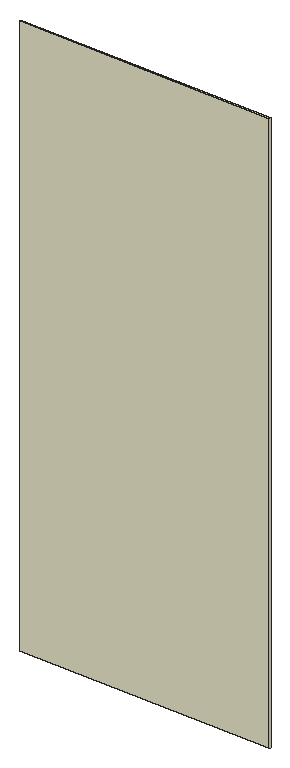
Revit family "CLAD (Smooth) Chevron", category Generic Models, Revit 2017
Family settings
  Can host rebar = No
  Round Connector Dimension = Use Diameter
  Part Type = Normal
  Work Plane-Based = No
  Always vertical = Yes
  Cut with Voids When Loaded = No
  Shared = Yes
  Room Calculation Point = No
Parameters (values of type "2745 x 1200")
  Primed Finich Code = "EX27 CL-CHE"  # constant formula
  Panel_width = 1200 mm  # constant formula
  Panel_thickness = 9.5 mm  # constant formula
  Material = none
  URL = "https://www.easycraft.com.au/products/253/expression-series"
  Model = "Expression Series - Chevron"  # constant formula
  Manufacturer = "Easycraft Australia Pty Ltd ph 07 3906 7200"  # constant formula
  Panel_height = 2720 mm  # constant formula
  Description = "MDF MR"  # constant formula
  Assembly Code = ""
Reference planes
  plane 1 "Center (Front/Back)": y = 0
  plane 2: z = 0
  plane 3 "Center (Left/Right)": x = 0
  plane 4 "Panel face": y = -9.5
  plane 5: z = 2720
Forms (mm)
  Extrusion 1, solid, material "CLAD smooth"
    sketch origin (0, 0, 0) x (1, 0, 0) y (0, 1, 0)
      loop
        line (0, 0) -> (0, -9.5) -> (1200, -9.5) -> (1200, 0) -> (0, 0)
    from 0 to 2720
Lines and regions (mm)
  model lines, style "easycraft expressions pattern"
    curve 1: line (748.908, -10, 0) -> (748.908, -10, 2720)
    curve 2: line (450.864, -10, 0) -> (450.864, -10, 2720)
    curve 3: line (1200, -10, 58.221) -> (1141.551, -10, 0)
    curve 4: line (959.361, -10, 0) -> (899.799, -10, 59.562)
    curve 5: line (899.799, -10, 59.562) -> (840.003, -10, 0)
    curve 6: line (661.317, -10, 0) -> (601.755, -10, 59.562)
    curve 7: line (601.755, -10, 59.562) -> (538.689, -10, 0)
    curve 8: line (359.769, -10, 0) -> (300.207, -10, 59.562)
    curve 9: line (300.207, -10, 59.562) -> (240.645, -10, 0)
    curve 10: line (58.222, -10, 0) -> (0, -10, 58.222)
    curve 11: line (0, -10, 198.368) -> (149.317, -10, 49.051)
    curve 12: line (149.317, -10, 49.051) -> (300.207, -10, 199.708)
    curve 13: line (300.207, -10, 199.708) -> (450.864, -10, 49.051)
    curve 14: line (450.864, -10, 49.051) -> (601.755, -10, 199.708)
    curve 15: line (601.755, -10, 199.708) -> (748.908, -10, 49.051)
    curve 16: line (748.908, -10, 49.051) -> (899.799, -10, 199.708)
    curve 17: line (899.799, -10, 199.708) -> (1050.456, -10, 49.051)
    curve 18: line (1050.456, -10, 49.051) -> (1200, -10, 198.364)
    curve 19: line (1200, -10, 338.741) -> (1050.456, -10, 189.197)
    curve 20: line (1050.456, -10, 189.197) -> (899.799, -10, 340.088)
    curve 21: line (899.799, -10, 340.088) -> (748.908, -10, 189.197)
    curve 22: line (748.908, -10, 189.197) -> (601.755, -10, 340.088)
    curve 23: line (601.755, -10, 340.088) -> (450.864, -10, 189.197)
    curve 24: line (450.864, -10, 189.197) -> (300.207, -10, 340.088)
    curve 25: line (300.207, -10, 340.088) -> (149.317, -10, 189.197)
    curve 26: line (149.317, -10, 189.197) -> (0, -10, 338.746)
    curve 27: line (0, -10, 478.894) -> (149.317, -10, 329.577)
    curve 28: line (149.317, -10, 329.577) -> (300.207, -10, 480.234)
    curve 29: line (300.207, -10, 480.234) -> (450.864, -10, 329.577)
    curve 30: line (450.864, -10, 329.577) -> (601.755, -10, 480.234)
    curve 31: line (601.755, -10, 480.234) -> (748.908, -10, 329.577)
    curve 32: line (748.908, -10, 329.577) -> (899.799, -10, 480.234)
    curve 33: line (899.799, -10, 480.234) -> (1050.456, -10, 329.577)
    curve 34: line (1050.456, -10, 329.577) -> (1200, -10, 478.89)
    curve 35: line (1200, -10, 619.036) -> (1050.456, -10, 469.723)
    curve 36: line (1050.456, -10, 469.723) -> (899.799, -10, 620.38)
    curve 37: line (899.799, -10, 620.38) -> (748.908, -10, 469.723)
    curve 38: line (748.908, -10, 469.723) -> (601.755, -10, 620.38)
    curve 39: line (601.755, -10, 620.38) -> (450.864, -10, 469.723)
    curve 40: line (450.864, -10, 469.723) -> (300.207, -10, 620.38)
    curve 41: line (300.207, -10, 620.38) -> (149.317, -10, 469.723)
    curve 42: line (149.317, -10, 469.723) -> (0, -10, 619.04)
    curve 43: line (0, -10, 759.417) -> (149.317, -10, 609.869)
    curve 44: line (149.317, -10, 609.869) -> (300.207, -10, 760.759)
    curve 45: line (300.207, -10, 760.759) -> (450.864, -10, 609.869)
    curve 46: line (450.864, -10, 609.869) -> (601.755, -10, 760.759)
    curve 47: line (601.755, -10, 760.759) -> (748.908, -10, 609.869)
    curve 48: line (748.908, -10, 609.869) -> (899.799, -10, 760.759)
    curve 49: line (899.799, -10, 760.759) -> (1050.456, -10, 609.869)
    curve 50: line (1050.456, -10, 609.869) -> (1200, -10, 759.413)
    curve 51: line (1200, -10, 899.561) -> (1050.456, -10, 750.248)
    curve 52: line (1050.456, -10, 750.248) -> (899.799, -10, 900.905)
    curve 53: line (899.799, -10, 900.905) -> (748.908, -10, 750.248)
    curve 54: line (748.908, -10, 750.248) -> (601.755, -10, 900.905)
    curve 55: line (601.755, -10, 900.905) -> (450.864, -10, 750.248)
    curve 56: line (450.864, -10, 750.248) -> (300.207, -10, 900.905)
    curve 57: line (300.207, -10, 900.905) -> (149.317, -10, 750.248)
    curve 58: line (149.317, -10, 750.248) -> (0, -10, 899.565)
    curve 59: line (0, -10, 1039.711) -> (149.317, -10, 890.394)
    curve 60: line (149.317, -10, 890.394) -> (300.207, -10, 1041.051)
    curve 61: line (300.207, -10, 1041.051) -> (450.864, -10, 890.394)
    curve 62: line (450.864, -10, 890.394) -> (601.755, -10, 1041.051)
    curve 63: line (601.755, -10, 1041.051) -> (748.908, -10, 890.394)
    curve 64: line (748.908, -10, 890.394) -> (899.799, -10, 1041.051)
    curve 65: line (899.799, -10, 1041.051) -> (1050.456, -10, 890.394)
    curve 66: line (1050.456, -10, 890.394) -> (1200, -10, 1039.707)
    curve 67: line (1200, -10, 1179.853) -> (1050.456, -10, 1030.54)
    curve 68: line (1050.456, -10, 1030.54) -> (899.799, -10, 1181.197)
    curve 69: line (899.799, -10, 1181.197) -> (748.908, -10, 1030.54)
    curve 70: line (748.908, -10, 1030.54) -> (601.755, -10, 1181.197)
    curve 71: line (601.755, -10, 1181.197) -> (450.864, -10, 1030.54)
    curve 72: line (450.864, -10, 1030.54) -> (300.207, -10, 1181.197)
    curve 73: line (300.207, -10, 1181.197) -> (149.317, -10, 1030.54)
    curve 74: line (149.317, -10, 1030.54) -> (0, -10, 1179.857)
    curve 75: line (0, -10, 1320.235) -> (149.317, -10, 1170.686)
    curve 76: line (149.317, -10, 1170.686) -> (300.207, -10, 1321.577)
    curve 77: line (300.207, -10, 1321.577) -> (450.864, -10, 1170.686)
    curve 78: line (450.864, -10, 1170.686) -> (601.755, -10, 1321.577)
    curve 79: line (601.755, -10, 1321.577) -> (748.908, -10, 1170.686)
    curve 80: line (748.908, -10, 1170.686) -> (899.799, -10, 1321.577)
    curve 81: line (899.799, -10, 1321.577) -> (1050.456, -10, 1170.686)
    curve 82: line (1050.456, -10, 1170.686) -> (1200, -10, 1320.231)
    curve 83: line (1200, -10, 1460.379) -> (1050.456, -10, 1311.066)
    curve 84: line (1050.456, -10, 1311.066) -> (899.799, -10, 1461.723)
    curve 85: line (899.799, -10, 1461.723) -> (748.908, -10, 1311.066)
    curve 86: line (748.908, -10, 1311.066) -> (601.755, -10, 1461.723)
    curve 87: line (601.755, -10, 1461.723) -> (450.864, -10, 1311.066)
    curve 88: line (450.864, -10, 1311.066) -> (300.207, -10, 1461.723)
    curve 89: line (300.207, -10, 1461.723) -> (149.317, -10, 1311.066)
    curve 90: line (149.317, -10, 1311.066) -> (0, -10, 1460.383)
    curve 91: line (0, -10, 1600.529) -> (149.317, -10, 1451.212)
    curve 92: line (149.317, -10, 1451.212) -> (300.207, -10, 1601.869)
    curve 93: line (300.207, -10, 1601.869) -> (450.864, -10, 1451.212)
    curve 94: line (450.864, -10, 1451.212) -> (601.755, -10, 1601.869)
    curve 95: line (601.755, -10, 1601.869) -> (748.908, -10, 1451.212)
    curve 96: line (748.908, -10, 1451.212) -> (899.799, -10, 1601.869)
    curve 97: line (899.799, -10, 1601.869) -> (1050.456, -10, 1451.212)
    curve 98: line (1050.456, -10, 1451.212) -> (1200, -10, 1600.525)
    curve 99: line (1200, -10, 1737.198) -> (1050.456, -10, 1591.358)
    curve 100: line (1050.456, -10, 1591.358) -> (899.799, -10, 1738.511)
    curve 101: line (899.799, -10, 1738.511) -> (748.908, -10, 1591.358)
    curve 102: line (748.908, -10, 1591.358) -> (601.755, -10, 1738.511)
    curve 103: line (601.755, -10, 1738.511) -> (450.864, -10, 1591.358)
    curve 104: line (450.864, -10, 1591.358) -> (300.207, -10, 1738.511)
    curve 105: line (300.207, -10, 1738.511) -> (149.317, -10, 1591.358)
    curve 106: line (149.317, -10, 1591.358) -> (0, -10, 1737.202)
    curve 107: line (0, -10, 1877.58) -> (149.317, -10, 1731.504)
    curve 108: line (149.317, -10, 1731.504) -> (300.207, -10, 1878.891)
    curve 109: line (300.207, -10, 1878.891) -> (450.864, -10, 1731.504)
    curve 110: line (450.864, -10, 1731.504) -> (601.755, -10, 1878.891)
    curve 111: line (601.755, -10, 1878.891) -> (748.908, -10, 1731.504)
    curve 112: line (748.908, -10, 1731.504) -> (899.799, -10, 1878.891)
    curve 113: line (899.799, -10, 1878.891) -> (1050.456, -10, 1731.504)
    curve 114: line (1050.456, -10, 1731.504) -> (1200, -10, 1877.576)
    curve 115: line (1200, -10, 2017.724) -> (1050.456, -10, 1871.883)
    curve 116: line (1050.456, -10, 1871.883) -> (899.799, -10, 2019.036)
    curve 117: line (899.799, -10, 2019.036) -> (748.908, -10, 1871.883)
    curve 118: line (748.908, -10, 1871.883) -> (601.755, -10, 2019.036)
    curve 119: line (601.755, -10, 2019.036) -> (450.864, -10, 1871.883)
    curve 120: line (450.864, -10, 1871.883) -> (300.207, -10, 2019.036)
    curve 121: line (300.207, -10, 2019.036) -> (149.317, -10, 1871.883)
    curve 122: line (149.317, -10, 1871.883) -> (0, -10, 2017.728)
    curve 123: line (0, -10, 2157.842) -> (149.317, -10, 2008.526)
    curve 124: line (149.317, -10, 2008.526) -> (300.207, -10, 2159.182)
    curve 125: line (300.207, -10, 2159.182) -> (450.864, -10, 2008.526)
    curve 126: line (450.864, -10, 2008.526) -> (601.755, -10, 2159.182)
    curve 127: line (601.755, -10, 2159.182) -> (748.908, -10, 2008.526)
    curve 128: line (748.908, -10, 2008.526) -> (899.799, -10, 2159.182)
    curve 129: line (899.799, -10, 2159.182) -> (1050.456, -10, 2008.526)
    curve 130: line (1050.456, -10, 2008.526) -> (1200, -10, 2157.838)
    curve 131: line (1200, -10, 2297.984) -> (1050.456, -10, 2148.672)
    curve 132: line (1050.456, -10, 2148.672) -> (899.799, -10, 2299.328)
    curve 133: line (899.799, -10, 2299.328) -> (748.908, -10, 2148.672)
    curve 134: line (748.908, -10, 2148.672) -> (601.755, -10, 2299.328)
    curve 135: line (601.755, -10, 2299.328) -> (450.864, -10, 2148.672)
    curve 136: line (450.864, -10, 2148.672) -> (300.207, -10, 2299.328)
    curve 137: line (300.207, -10, 2299.328) -> (149.317, -10, 2148.672)
    curve 138: line (149.317, -10, 2148.672) -> (0, -10, 2297.988)
    curve 139: line (1200, -10, 2434.658) -> (1050.456, -10, 2288.818)
    curve 140: line (1050.456, -10, 2288.818) -> (899.799, -10, 2435.971)
    curve 141: line (899.799, -10, 2435.971) -> (748.908, -10, 2288.818)
    curve 142: line (748.908, -10, 2288.818) -> (601.755, -10, 2435.971)
    curve 143: line (601.755, -10, 2435.971) -> (450.864, -10, 2288.818)
    curve 144: line (450.864, -10, 2288.818) -> (300.207, -10, 2435.971)
    curve 145: line (300.207, -10, 2435.971) -> (149.317, -10, 2288.818)
    curve 146: line (149.317, -10, 2288.818) -> (0, -10, 2434.662)
    curve 147: line (0, -10, 2575.039) -> (149.317, -10, 2428.964)
    curve 148: line (149.317, -10, 2428.964) -> (300.207, -10, 2576.35)
    curve 149: line (300.207, -10, 2576.35) -> (450.864, -10, 2428.964)
    curve 150: line (450.864, -10, 2428.964) -> (601.755, -10, 2576.35)
    curve 151: line (601.755, -10, 2576.35) -> (748.908, -10, 2428.964)
    curve 152: line (748.908, -10, 2428.964) -> (899.799, -10, 2576.35)
    curve 153: line (899.799, -10, 2576.35) -> (1050.456, -10, 2428.964)
    curve 154: line (1050.456, -10, 2428.964) -> (1200, -10, 2575.035)
    curve 155: line (1200, -10, 2715.184) -> (1050.456, -10, 2569.343)
    curve 156: line (1050.456, -10, 2569.343) -> (899.799, -10, 2716.496)
    curve 157: line (899.799, -10, 2716.496) -> (748.908, -10, 2569.343)
    curve 158: line (748.908, -10, 2569.343) -> (601.755, -10, 2716.496)
    curve 159: line (601.755, -10, 2716.496) -> (450.864, -10, 2569.343)
    curve 160: line (450.864, -10, 2569.343) -> (300.207, -10, 2716.496)
    curve 161: line (300.207, -10, 2716.496) -> (149.317, -10, 2569.343)
    curve 162: line (149.317, -10, 2569.343) -> (0, -10, 2715.188)
    curve 163: line (135.302, -10, 2720) -> (149.317, -10, 2705.985)
    curve 164: line (149.317, -10, 2705.985) -> (163.353, -10, 2720)
    curve 165: line (436.85, -10, 2720) -> (450.864, -10, 2705.985)
    curve 166: line (450.864, -10, 2705.985) -> (464.901, -10, 2720)
    curve 167: line (735.219, -10, 2720) -> (748.908, -10, 2705.985)
    curve 168: line (748.908, -10, 2705.985) -> (762.945, -10, 2720)
    curve 169: line (1036.441, -10, 2720) -> (1050.456, -10, 2705.985)
    curve 170: line (1050.456, -10, 2705.985) -> (1064.492, -10, 2720)
    curve 171: line (149.317, -10, 0) -> (149.317, -10, 2720)
    curve 172: line (1050.456, -10, 0) -> (1050.456, -10, 2720)
    curve 173: line (300.207, -10, 0) -> (300.207, -10, 2720)
    curve 174: line (601.521, -10, 0) -> (601.521, -10, 2720)
    curve 175: line (899.799, -10, 0) -> (899.799, -10, 2720)
Dimensions and locks
  "Panel_thickness": plane 4 "Panel face" to plane 1 "Center (Front/Back)"
  "Panel_width": Extrusion 1 to Extrusion 1
  "Panel_height": plane 5 to plane 2
  aligned and locked: level to plane 2
  aligned and locked: Extrusion 1 to level
  aligned and locked: plane 4 "Panel face" to Extrusion 1
Automatic sketch dimensions
  curve 26 to plane 3 "Center (Left/Right)" = 0 mm
  curve 162 to plane 3 "Center (Left/Right)" = 0 mm
  curve 138 to plane 3 "Center (Left/Right)" = 0 mm
  curve 27 to plane 3 "Center (Left/Right)" = 0 mm
  curve 122 to plane 3 "Center (Left/Right)" = 0 mm
  curve 123 to plane 3 "Center (Left/Right)" = 0 mm
  curve 58 to plane 3 "Center (Left/Right)" = 0 mm
  curve 59 to plane 3 "Center (Left/Right)" = 0 mm
  curve 75 to plane 3 "Center (Left/Right)" = 0 mm
  curve 74 to plane 3 "Center (Left/Right)" = 0 mm
  curve 90 to plane 3 "Center (Left/Right)" = 0 mm
  curve 91 to plane 3 "Center (Left/Right)" = 0 mm
  curve 42 to plane 3 "Center (Left/Right)" = 0 mm
  curve 43 to plane 3 "Center (Left/Right)" = 0 mm
  curve 11 to plane 3 "Center (Left/Right)" = 0 mm
  curve 106 to plane 3 "Center (Left/Right)" = 0 mm
  curve 147 to plane 3 "Center (Left/Right)" = 0 mm
  curve 146 to plane 3 "Center (Left/Right)" = 0 mm
  curve 10 to plane 3 "Center (Left/Right)" = 0 mm
  curve 107 to plane 3 "Center (Left/Right)" = 0 mm
  curve 10 to level = 0 mm
  curve 171 to level = 0 mm
  curve 9 to level = 0 mm
  curve 173 to level = 0 mm
  curve 8 to level = 0 mm
  curve 2 to level = 0 mm
  curve 7 to level = 0 mm
  curve 174 to level = 0 mm
  curve 6 to level = 0 mm
  curve 1 to level = 0 mm
  curve 5 to level = 0 mm
  curve 175 to level = 0 mm
  curve 4 to level = 0 mm
  curve 172 to level = 0 mm
  curve 3 to level = 0 mm
  level to curve 12 = 49.051 mm
  plane 3 "Center (Left/Right)" to curve 12 = 149.317 mm
  plane 3 "Center (Left/Right)" to curve 146 = 149.317 mm
  plane 3 "Center (Left/Right)" to curve 44 = 149.317 mm
  plane 3 "Center (Left/Right)" to curve 108 = 149.317 mm
  curve 147 to curve 145 = 0 mm
  curve 107 to curve 106 = 0 mm
  plane 3 "Center (Left/Right)" to curve 60 = 149.317 mm
  curve 43 to curve 42 = 0 mm
  curve 105 to curve 92 = 0 mm
  plane 3 "Center (Left/Right)" to curve 164 = 149.317 mm
  plane 3 "Center (Left/Right)" to curve 124 = 149.317 mm
  curve 91 to curve 90 = 0 mm
  curve 73 to curve 59 = 0 mm
  curve 25 to curve 11 = 0 mm
  curve 59 to curve 57 = 0 mm
  curve 123 to curve 122 = 0 mm
  curve 41 to curve 27 = 0 mm
  curve 75 to curve 73 = 0 mm
  curve 163 to curve 161 = 0 mm
  curve 145 to curve 137 = 0 mm
  curve 145 to curve 137 = 150.891 mm
  curve 163 to curve 161 = 150.891 mm
  curve 41 to curve 29 = 150.891 mm
  curve 28 to curve 25 = 0 mm
  curve 89 to curve 77 = 150.891 mm
  curve 89 to curve 76 = 0 mm
  curve 76 to curve 73 = 0 mm
  curve 144 to curve 136 = 0 mm
  curve 40 to curve 28 = 0 mm
  curve 92 to curve 88 = 0 mm
  curve 104 to curve 92 = 0 mm
  curve 108 to curve 104 = 0 mm
  curve 44 to curve 40 = 0 mm
  curve 24 to curve 13 = 0 mm
  level to curve 9 = 59.562 mm
  curve 12 to curve 9 = 0 mm
  curve 72 to curve 61 = 0 mm
  curve 136 to curve 125 = 0 mm
  curve 121 to curve 108 = 0 mm
  curve 160 to curve 149 = 0 mm
  curve 60 to curve 57 = 0 mm
  curve 44 to curve 56 = 150.657 mm
  curve 144 to curve 149 = 150.657 mm
  curve 61 to curve 55 = 0 mm
  curve 160 to curve 166 = 150.657 mm
  curve 149 to curve 144 = 0 mm
  curve 71 to curve 61 = 0 mm
  curve 24 to curve 29 = 150.657 mm
  curve 78 to curve 71 = 0 mm  (x2)
  curve 165 to curve 159 = 0 mm
  curve 77 to curve 79 = 150.891 mm
  curve 120 to curve 118 = 301.547 mm
  curve 159 to curve 150 = 150.891 mm
  curve 150 to curve 143 = 0 mm
  curve 29 to curve 31 = 150.891 mm
  curve 158 to curve 150 = 0 mm
  level to curve 6 = 59.562 mm
  curve 8 to curve 6 = 301.547 mm
  curve 38 to curve 30 = 0 mm
  curve 86 to curve 78 = 0 mm
  curve 118 to curve 111 = 0 mm
  curve 30 to curve 23 = 0 mm
  curve 70 to curve 62 = 0 mm
  level to curve 14 = 199.708 mm
  curve 14 to curve 6 = 0 mm
  curve 46 to curve 38 = 0 mm
  curve 54 to curve 46 = 0 mm
  curve 94 to curve 86 = 0 mm
  curve 103 to curve 94 = 0 mm
  curve 126 to curve 118 = 0 mm
  curve 142 to curve 135 = 0 mm
  curve 38 to curve 48 = 147.153 mm
  curve 54 to curve 64 = 147.153 mm
  curve 118 to curve 127 = 147.153 mm
  curve 86 to curve 96 = 147.153 mm
  curve 158 to curve 167 = 147.153 mm
  curve 69 to curve 63 = 0 mm
  level to curve 21 = 189.197 mm
  curve 14 to curve 21 = 147.153 mm
  curve 167 to curve 158 = 0 mm
  curve 157 to curve 152 = 0 mm
  curve 95 to curve 86 = 0 mm
  curve 47 to curve 38 = 0 mm
  curve 151 to curve 141 = 0 mm
  curve 80 to curve 69 = 0 mm
  curve 63 to curve 53 = 0 mm
  curve 127 to curve 117 = 0 mm
  level to curve 4 = 59.562 mm
  curve 21 to curve 4 = 150.891 mm
  curve 127 to curve 116 = 150.891 mm
  level to curve 16 = 199.708 mm
  curve 16 to curve 4 = 0 mm
  curve 116 to curve 113 = 0 mm
  curve 112 to curve 101 = 0 mm
  level to curve 20 = 340.088 mm
  curve 20 to curve 16 = 0 mm
  curve 128 to curve 116 = 0 mm
  curve 32 to curve 20 = 0 mm
  curve 36 to curve 32 = 0 mm
  curve 48 to curve 36 = 0 mm
  curve 132 to curve 128 = 0 mm
  curve 167 to curve 157 = 150.891 mm
  curve 156 to curve 153 = 0 mm
  curve 100 to curve 97 = 0 mm  (x2)
  curve 96 to curve 85 = 0 mm
  curve 52 to curve 48 = 0 mm
  curve 64 to curve 52 = 0 mm
  curve 68 to curve 64 = 0 mm
  curve 140 to curve 132 = 0 mm
  curve 84 to curve 80 = 0 mm
  curve 132 to curve 139 = 150.657 mm
  curve 64 to curve 68 = 150.657 mm
  curve 112 to curve 116 = 150.657 mm
  curve 67 to curve 66 = 0 mm  (x2)
  curve 82 to curve 67 = 0 mm
  curve 83 to curve 81 = 0 mm
  curve 65 to curve 52 = 0 mm
  curve 156 to curve 170 = 150.657 mm
  curve 51 to curve 50 = 0 mm  (x2)
  curve 97 to curve 83 = 0 mm
  curve 153 to curve 139 = 0 mm
  curve 115 to curve 114 = 0 mm  (x2)
  curve 169 to curve 155 = 0 mm
  curve 139 to curve 132 = 0 mm
  level to curve 36 = 469.723 mm
  curve 49 to curve 36 = 0 mm
  level to curve 17 = 49.051 mm
  curve 4 to curve 17 = 150.657 mm
  level to curve 34 = 329.577 mm
  curve 35 to curve 34 = 0 mm  (x2)
  curve 130 to curve 115 = 0 mm  (x2)
  level to curve 19 = 189.197 mm
  curve 19 to curve 17 = 0 mm
  curve 11 to curve 26 = 140.146 mm
  curve 8 to curve 13 = 140.146 mm
  curve 12 to curve 30 = 129.869 mm
  curve 25 to curve 28 = 140.38 mm
  curve 14 to curve 22 = 140.38 mm
  curve 12 to curve 25 = 140.38 mm
  curve 27 to curve 41 = 140.146 mm
  curve 22 to curve 38 = 129.635 mm
  curve 22 to curve 30 = 140.146 mm
  curve 20 to curve 33 = 140.146 mm
  curve 24 to curve 28 = 140.146 mm
  curve 37 to curve 48 = 140.146 mm
  curve 35 to curve 49 = 140.146 mm
  curve 41 to curve 44 = 140.146 mm
  curve 28 to curve 40 = 140.146 mm
  curve 30 to curve 39 = 140.146 mm
  curve 32 to curve 36 = 140.146 mm
  curve 47 to curve 54 = 140.38 mm
  curve 43 to curve 58 = 140.38 mm
  curve 40 to curve 55 = 129.869 mm
  curve 49 to curve 51 = 140.38 mm
  curve 38 to curve 46 = 140.38 mm
  curve 40 to curve 45 = 140.38 mm
  curve 36 to curve 48 = 140.38 mm
  curve 51 to curve 66 = 140.146 mm  (x2)
  curve 53 to curve 64 = 140.146 mm
  curve 55 to curve 62 = 140.146 mm
  curve 57 to curve 60 = 140.146 mm
  curve 46 to curve 54 = 140.146 mm
  curve 44 to curve 57 = 140.146 mm
  curve 48 to curve 52 = 140.146 mm
  curve 59 to curve 74 = 140.146 mm  (x2)
  curve 61 to curve 72 = 140.146 mm
  curve 63 to curve 70 = 140.146 mm
  curve 65 to curve 67 = 140.146 mm
  curve 52 to curve 64 = 140.146 mm
  curve 54 to curve 62 = 140.146 mm
  curve 56 to curve 60 = 140.146 mm
  curve 71 to curve 78 = 140.146 mm
  curve 67 to curve 82 = 140.146 mm
  curve 69 to curve 79 = 140.146 mm
  curve 73 to curve 75 = 140.146 mm
  curve 62 to curve 71 = 140.146 mm
  curve 64 to curve 69 = 140.146 mm
  curve 60 to curve 72 = 140.146 mm
  curve 75 to curve 89 = 140.38 mm
  curve 79 to curve 86 = 140.38 mm
  curve 81 to curve 84 = 140.38 mm
  curve 70 to curve 78 = 140.38 mm
  curve 68 to curve 81 = 140.38 mm
  curve 72 to curve 76 = 140.38 mm
  curve 85 to curve 96 = 140.146 mm
  curve 83 to curve 97 = 140.146 mm
  curve 89 to curve 92 = 140.146 mm
  curve 78 to curve 86 = 140.146 mm
  curve 76 to curve 89 = 140.146 mm
  curve 80 to curve 84 = 140.146 mm
  curve 91 to curve 105 = 140.146 mm
  curve 97 to curve 99 = 140.146 mm
  curve 88 to curve 93 = 140.146 mm
  curve 84 to curve 97 = 140.146 mm
  curve 86 to curve 95 = 140.146 mm
  curve 99 to curve 114 = 140.146 mm
  curve 105 to curve 107 = 140.146 mm
  curve 94 to curve 103 = 136.642 mm
  curve 96 to curve 100 = 136.642 mm
  curve 92 to curve 105 = 136.642 mm
  curve 102 to curve 118 = 133.372 mm
  curve 113 to curve 115 = 140.38 mm
  curve 102 to curve 110 = 140.38 mm
  curve 104 to curve 109 = 140.38 mm
  curve 100 to curve 112 = 140.38 mm
  curve 115 to curve 129 = 136.642 mm
  curve 117 to curve 128 = 136.642 mm
  curve 121 to curve 123 = 136.642 mm
  curve 112 to curve 117 = 140.146 mm
  curve 108 to curve 121 = 140.146 mm
  curve 110 to curve 119 = 140.146 mm
  curve 123 to curve 138 = 140.146 mm  (x2)
  curve 131 to curve 139 = 140.146 mm
  curve 118 to curve 126 = 140.146 mm
  curve 120 to curve 124 = 140.146 mm
  curve 116 to curve 129 = 140.146 mm
  curve 142 to curve 151 = 140.146 mm
  curve 124 to curve 143 = 129.635 mm
  curve 137 to curve 145 = 140.146 mm
  curve 126 to curve 135 = 140.146 mm
  curve 124 to curve 136 = 140.146 mm
  curve 143 to curve 150 = 140.146 mm
  curve 145 to curve 147 = 140.146 mm
  curve 134 to curve 143 = 136.642 mm
  curve 136 to curve 145 = 136.642 mm
  curve 161 to curve 163 = 136.642 mm
  curve 148 to curve 160 = 140.146 mm
  plane 3 "Center (Left/Right)" to curve 10 = 58.222 mm
  curve 163 to curve 163 = 14.015 mm
  curve 11 to curve 171 = 0 mm
  curve 171 to curve 164 = 14.036 mm
  curve 9 to curve 8 = 59.562 mm
  curve 173 to curve 8 = 59.562 mm
  curve 165 to curve 165 = 14.015 mm  (x2)
  curve 108 to curve 119 = 150.657 mm
  curve 2 to curve 166 = 14.036 mm
  curve 7 to curve 6 = 63.066 mm
  curve 174 to curve 6 = 0.234 mm
  curve 174 to curve 6 = 59.796 mm
  curve 167 to curve 167 = 13.689 mm
  curve 141 to curve 134 = 0 mm
  curve 1 to curve 168 = 14.036 mm
  curve 5 to curve 4 = 59.796 mm
  curve 4 to curve 175 = 0 mm
  curve 175 to curve 4 = 59.562 mm
  curve 169 to curve 169 = 14.015 mm  (x2)
  curve 169 to curve 172 = 14.015 mm  (x2)
  curve 172 to curve 170 = 14.036 mm
  curve 172 to curve 3 = 91.095 mm
  level to curve 18 = 198.364 mm
  curve 19 to curve 18 = 149.544 mm
  level to curve 34 = 478.89 mm
  curve 35 to curve 34 = 149.544 mm
  curve 139 to curve 131 = 149.544 mm
  curve 99 to curve 98 = 149.544 mm
  curve 170 to curve 155 = 135.508 mm
  curve 155 to curve 154 = 0 mm
  level to curve 19 = 338.741 mm
  curve 34 to curve 19 = 0 mm
  curve 65 to curve 51 = 149.544 mm
  curve 99 to curve 98 = 0 mm
  curve 114 to curve 99 = 0 mm
  curve 98 to curve 83 = 0 mm
  curve 83 to curve 82 = 0 mm
  curve 139 to curve 131 = 0 mm
  curve 66 to curve 51 = 0 mm
  level to curve 3 = 58.221 mm
  curve 3 to curve 3 = 58.449 mm
  curve 1 to curve 16 = 49.051 mm
  curve 15 to curve 16 = 0 mm
  curve 2 to curve 14 = 49.051 mm
  curve 13 to curve 14 = 0 mm
  level to curve 10 = 58.222 mm
  curve 13 to curve 23 = 140.146 mm
  curve 24 to curve 23 = 0 mm
  curve 10 to curve 11 = 140.146 mm
  curve 32 to curve 37 = 140.146 mm
  curve 31 to curve 32 = 0 mm
  curve 11 to curve 26 = 140.377 mm
  curve 29 to curve 40 = 140.146 mm
  curve 39 to curve 40 = 0 mm
  curve 26 to curve 27 = 140.148 mm
  curve 39 to curve 46 = 140.146 mm
  curve 45 to curve 46 = 0 mm
  curve 34 to curve 35 = 140.146 mm
  curve 27 to curve 42 = 140.146 mm
  curve 35 to curve 50 = 140.377 mm
  curve 42 to curve 43 = 140.377 mm
  curve 50 to curve 51 = 140.148 mm
  curve 43 to curve 58 = 140.148 mm
  curve 58 to curve 59 = 140.146 mm
  curve 66 to curve 67 = 140.146 mm
  curve 77 to curve 88 = 140.38 mm
  curve 87 to curve 88 = 0 mm
  curve 67 to curve 82 = 140.377 mm
  curve 74 to curve 75 = 140.377 mm
  curve 88 to curve 94 = 140.146 mm
  curve 93 to curve 94 = 0 mm
  curve 82 to curve 83 = 140.148 mm
  curve 75 to curve 90 = 140.148 mm
  curve 95 to curve 101 = 140.146 mm
  curve 94 to curve 104 = 140.146 mm
  curve 103 to curve 104 = 0 mm
  curve 102 to curve 101 = 0 mm
  curve 83 to curve 98 = 140.146 mm
  curve 90 to curve 91 = 140.146 mm
  curve 101 to curve 111 = 140.146 mm
  curve 112 to curve 111 = 0 mm
  curve 104 to curve 110 = 140.146 mm
  curve 109 to curve 110 = 0 mm
  curve 98 to curve 99 = 136.674 mm
  curve 91 to curve 106 = 136.673 mm
  curve 110 to curve 120 = 140.38 mm
  curve 119 to curve 120 = 0 mm
  curve 99 to curve 114 = 140.377 mm
  curve 106 to curve 107 = 140.377 mm
  curve 120 to curve 125 = 136.642 mm
  curve 126 to curve 125 = 0 mm
  curve 115 to curve 130 = 140.115 mm
  curve 107 to curve 122 = 140.148 mm
  curve 135 to curve 143 = 140.146 mm
  curve 136 to curve 135 = 0 mm
  curve 134 to curve 141 = 140.146 mm
  curve 133 to curve 134 = 0 mm
  curve 122 to curve 123 = 140.115 mm
  curve 138 to curve 146 = 136.673 mm
  curve 146 to curve 147 = 140.377 mm
  curve 129 to curve 131 = 140.146 mm
  curve 142 to curve 134 = 10.511 mm
  curve 128 to curve 133 = 140.146 mm
  curve 139 to curve 154 = 140.146 mm
  curve 132 to curve 140 = 136.642 mm
  curve 151 to curve 158 = 140.38 mm
  curve 147 to curve 161 = 140.38 mm
  curve 149 to curve 159 = 140.38 mm
  curve 153 to curve 155 = 140.38 mm
  curve 142 to curve 150 = 140.38 mm
  curve 144 to curve 148 = 140.38 mm
  curve 140 to curve 152 = 140.38 mm
  curve 157 to curve 168 = 136.642 mm
  curve 155 to curve 169 = 136.642 mm
  curve 159 to curve 166 = 136.642 mm
  curve 150 to curve 158 = 140.146 mm
  curve 152 to curve 157 = 140.146 mm
  curve 114 to curve 115 = 140.148 mm
  curve 130 to curve 131 = 140.146 mm
  curve 131 to curve 139 = 136.674 mm
  curve 139 to curve 154 = 140.377 mm
  curve 154 to curve 155 = 140.148 mm
  curve 147 to curve 162 = 140.148 mm
  curve 167 to curve 168 = 14.015 mm
  curve 167 to curve 167 = 14.015 mm
  curve 165 to curve 166 = 14.015 mm
  curve 169 to curve 170 = 14.015 mm
  curve 163 to curve 171 = 14.015 mm
  curve 171 to curve 164 = 0 mm
  curve 163 to curve 171 = 0 mm
  curve 160 to curve 173 = 3.504 mm
  curve 165 to curve 2 = 14.015 mm
  curve 158 to curve 174 = 3.504 mm
  curve 167 to curve 1 = 0 mm
  curve 156 to curve 175 = 3.504 mm
  curve 107 to curve 122 = 140.38 mm
  Extrusion 1 sketch curve to plane 3 "Center (Left/Right)" = 0 mm
  plane 4 "Panel face" to Extrusion 1 sketch curve = 0 mm
  plane 1 "Center (Front/Back)" to Extrusion 1 sketch curve = 0 mm
  Extrusion 1 sketch curve to Extrusion 1 sketch curve = 1200 mm
